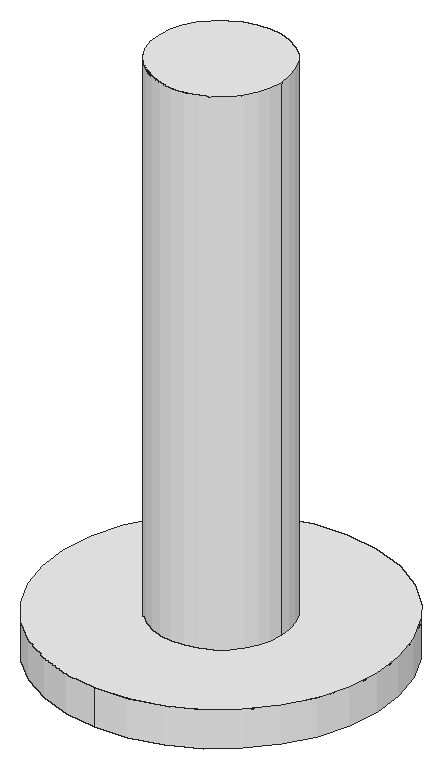
Revit family "KEUCO_59545010001", category Allgemeines Modell, Revit 2016
Family settings
  Teiletyp = Normal
  Kann Basisbauteil für Bewehrung sein = Nein
  Bemaßung runder Anschluss = Durchmesser verwenden
  Arbeitsebenenbasiert = Ja
  Immer vertikal = Nein
  Beim Laden mit Abzugskörper schneiden = Nein
  Gemeinsam genutzt = Nein
  Raumberechnungspunkt = Nein
Parameters
  Verwendung = "DU / WA"  # constant formula
  Preisgruppe = ""
  Kategorie = ""
  Gewicht = 0
  Breite = 152 mm
  URL = "https://www.keuco.com"
  Materialien bei Hersteller anfragen = "Anfrage zu:  objektmanagement@keuco.de"
  Description = "--"
  Default Elevation = 1219.2 mm
  Serie = "Plan"  # constant formula
  Material = Stahl, verchromt
  Hersteller = "KEUCO"  # constant formula
  Assembly Code = ""
  Ausschreibungstext = ""
  Artikelnummer = "59545010001"
Types (2, lengths in mm): name | URL | Materialien bei Hersteller anfragen | Description | Ausschreibungstext
  (no name) | "https://www.keuco.com" | "Anfrage zu:  objektmanagement@keuco.de" | "--" | ""
  59545010001 | "https://www.keuco.com/de/produkte/sortiment/artikel/?pid=59545&oid=1&pgo=8&country=de&lang=de&vid=59545010001" | "Request to:  objektmanagement@keuco.de" | "mit runder Rosette,\r\npassend für alle UP-Armaturen" | "KEUCO IXMO Wanneneinlauf DN 15, 59545010001\r\nhochglanzverchromter Wanneneinlauf DN 15 \r\nin zeitloser Formensprache, \r\npassend für alle Unterputz-Armaturen, \r\nrunde Rosette mit 90 mm Durchmesser, Stärke 10mm, \r\nGesamtausladung 152 mm, Wasseraustritt bei 130 mm, \r\nWasseranschluss G 1/2 Zoll, Durchmesser 35 mm, \r\nempfohlene Funktionseinheit: 59547000170 \r\nin Kombination mit Montageschiene 5957000001-3"
Reference planes
  plane 1 "Center (Front/Back)": y = 0
  plane 2: z = 0
  plane 3 "Center (Left/Right)": x = 0
  plane 4: z = 152
  plane 5: z = 36
Forms (mm)
  Extrusion 1, solid, material "Stahl, verchromt" <- "Material"
    sketch origin (0, 16.5, 20) x (0, 1, 0) y (-1, 0, 0)
      loop
        circle (-16.5, 0) r 45
    from -20 to -10
  Extrusion 2, solid, material "Stahl, verchromt" <- "Material"
    sketch origin (0, 16.5, 20) x (0, 1, 0) y (-1, 0, 0)
      loop
        circle (-16.5, 0) r 17.5
    from -10 to 132
Dimensions and locks
  "Breite": plane 4 to plane 2
  plane 5 to plane 2 = 36 mm
  aligned and locked: level to plane 2
  aligned and locked: plane 4 to Extrusion 2
Automatic sketch dimensions
  plane 1 "Center (Front/Back)" to Extrusion 2 sketch curve = 0 mm
  Extrusion 2 sketch curve to plane 3 "Center (Left/Right)" = 0 mm
  plane 1 "Center (Front/Back)" to Extrusion 1 sketch curve = 0 mm
  Extrusion 1 sketch curve to plane 3 "Center (Left/Right)" = 0 mm
  radius of Extrusion 2 sketch curve = 17.5 mm
  radius of Extrusion 1 sketch curve = 45 mm
